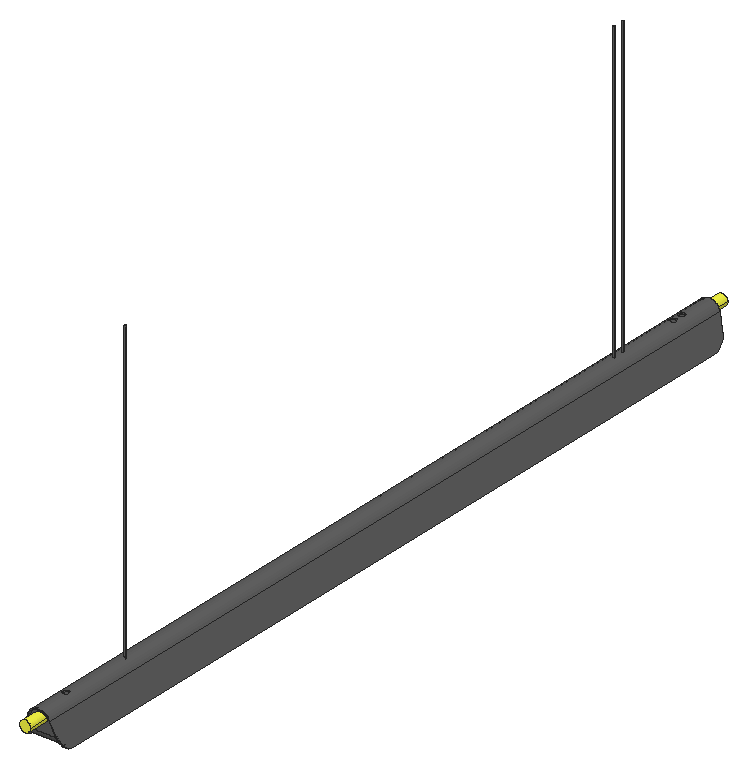
Revit family "Lighting_Pendants_Zero_Trapets_Pendant", category Lighting Fixtures, Revit 2020
Family settings
  Round Connector Dimension = Use Diameter
  Part Type = Normal
  OmniClass Number = 23.80.70.00
  OmniClass Title = Lighting
  Work Plane-Based = Yes
  Always vertical = Yes
  Cut with Voids When Loaded = No
  Light Source = Yes
  Shared = No
  Room Calculation Point = No
Parameters (values of type "Trapets LED 2497LM/25W 1700mm Down + uplight, black - Dali")
  Youtube clip = ""
  Weight Net (Kg) = "3.4"
  Wattage = 16.8101 W
  WarrantyStartDate [instance] = "n/a"
  WarrantyGuarantorParts = "n/a"
  WarrantyGuarantorLabor = "n/a"
  WarrantyDurationUnit = "Year"
  WarrantyDurationParts = "n/a"
  WarrantyDurationLabor = "n/a"
  WarrantyDescription = "n/a"
  built-in parameter 1150110 = 1 (stored number, unit not read)
  VersionDate = "31/08/2023"  # constant formula
  Version = "3"  # constant formula
  UsageCurrent = 0 A
  Uniformat II Description = ""
  Uniformat II Code = ""
  Uniclass2015Reference = "Pr_70_70_48_86"
  Uniclass2015Description = "Suspended luminaires"
  Uniclass2 = "Pr_70_70_49_86"
  Uniclass 2015 Name = ""
  Uniclass 2015 Code = ""
  Uniclass 2.0 Description = ""
  Uniclass 2.0 Code = ""
  Uniclass 1.4 Description = ""
  Uniclass 1.4 Code = ""
  URL = "https://www.zerolighting.com/trapets-inompe/"
  UNSPSC Code = ""
  TotalWattage = 25 W
  built-in parameter 1114217 = 1 (stored number, unit not read)
  Tilt Angle = 90.00°
  built-in parameter 1150109 = 1 (stored number, unit not read)
  built-in parameter 1150134 = 12
  Technical description = ""
  TagNumber [instance] = "n/a"
  SustainabilityPerformance = "n/a"
  built-in parameter 1150113 = 1 (stored number, unit not read)
  Size = "82x1465x71 mm"
  Shape = "Sculptured"
  SerialNumber [instance] = "n/a"
  Revision = "5"  # constant formula
  ReplacementCost = "n/a"
  Region South America = "None"
  Region Oceania = "AU, NZ"
  Region North America = "BZ, CR, GT, HN, MX, NI, PA, SV, US"
  Region Middle East = "AE"
  Region Europe = "AD, AL, AT, AX, BA, BE, BG, BY, CH, CY, CZ, DE, DK, EE, ES, FI, FO, FR, GB, GG, GI, GR, HR, HU, IE, IM, IS, IT, JE, LI, LT, LU, LV, MC, MD, ME, MK, MT, NL, NO, PL, PT, RO, RS, RU, SE, SI, SJ, SK, SM, UA, VA"
  Region Asia = "HK, JP, SG"
  Region Antarctica = "None"
  Region Africa = "None"
  ProductInformation = "n/a"
  Product group = "Pendant"
  Product family = "Trapets"
  Product certification = ""
  Product SKU = "Trapets_pendant"
  Photometric Web File = "Trapets8202-1-Led_IES.IES"
  PhaseReference = "n/a"
  PhaseAngle = 0.00°
  OmniClass Description = ""
  OmniClass Code = ""
  NumberOfSources = 0
  NumberOfPoles = 1
  NominalVoltageCalc = 0 V
  NominalVoltage = 230 V
  NominalRadius = 42 mm
  NominalLength = 82 mm
  NominalFrequencyRange = 50 Hz
  NominalDiameter = 800 mm
  NominalCurrent = 0 A
  Nominal width = 71 mm
  Nominal height = 71 mm
  Name = "Zero_Trapets_Pendant"  # constant formula
  NBSReference = "90-60-50/405"
  NBSDescription = "General purpose luminaires"
  NBS Reference Description = ""
  NBS Reference Code = ""
  ModelType = trapets-pendant-1700 : trapets-pendant-1700
  ModelReference = "n/a"
  ModelNumber = "13022306D40"
  Model = "Trapets LED 2497LM/25W 1700mm Down + uplight, black - Dali"
  Material secondary = "Acrylic"
  Material main = "Steel"
  Material = "Metal and wood"
  Masterformat 2014 Description = ""
  Masterformat 2014 Code = ""
  ManufacturersSpecificInformation = "n/a"
  ManufacturerURL = "https://www.zerolighting.com/"
  ManufacturerName = "Zero"
  Manufacturer name = "ZERO"
  Manufacturer country = "Sweden"
  Manufacturer = "Zero"
  MaintenanceFactor = 0
  Lumens = 2497 lm
  built-in parameter 1150115 = 1 (stored number, unit not read)
  built-in parameter 1150105 = 198.7 (stored number, unit not read)
  LightFixtureSecondaryMaterial [instance] = Yellow
  LightFixturePlacingType = "Ceiling"
  LightFixtureMountingType = "Suspended"
  LightFixtureMainMaterial [instance] = Black steel
  built-in parameter 1150137 = (empty or 0)
  built-in parameter 1150139 = (empty or 0)
  LensMaterial = Tempered glass
  built-in parameter 1150112 = 1 (stored number, unit not read)
  built-in parameter 1150114 = 1 (stored number, unit not read)
  InsulationStandardClass = "n/a"
  InstallationDate [instance] = "n/a"
  Installation instructions = ""
  built-in parameter 1150132 = 2
  built-in parameter 1150102 = (empty or 0)
  built-in parameter 1150138 = (empty or 0)
  built-in parameter 1150107 = 4000 (stored number, unit not read)
  built-in parameter 1150106 = 1.987 (stored number, unit not read)
  IfcExportType = "NOTDEFINED"  # constant formula
  IfcExportAs = "IfcLightFixtureType"  # constant formula
  IP_Code = "IP20"
  IFC Classification = ""
  HasProtectiveEarth = yes
  GTIN code = ""
  Emit from Rectangle Width = 1465 mm
  Emit from Rectangle Length = NominalLength  # 82 mm
  Emit Shape Visible in Rendering = no
  Edition number = 1
  Dimming = "None"
  Grade = "n/a"
  Finish = "Painted metal"
  Features = "Plug or terminal block 5x4mm2"
  ExpectedLife = "n/a"
  ElectricalDeviceNominalPower = 0
  built-in parameter 1150104 = 13.8 (stored number, unit not read)
  EANNumber = "n/a"
  DurationUnit = "Year"
  Dimming Lamp Color Temperature Shift = <None>
  Designer = "Note Design Studio"
  Design country = "Sweden"
  DefaultElevation = 0 mm
  Default Elevation [instance] = 1219.2 mm
  Date of publishing = ""
  Constituents = "n/a"
  Color Filter = 16777215
  Color = "Black"
  Collection = "Trapets"
  CodePerformance = "n/a"
  Category = "Pendant"
  CableLength [instance] = 600 mm
  COBIe Type Category = ""
  Brand url = "http://www.zero.se"
  Brand = "Zero"
  Barcode [instance] = "n/a"
  built-in parameter 1114218 = 1 (stored number, unit not read)
  BIMObjectName = "Lighting_Pendants_Zero_Trapets_Pendant"  # constant formula
  Author = "BIMStone"  # constant formula
  built-in parameter 1150133 = 10 (stored number, unit not read)
  AssetType = "Fixed"
  AssetIdentifier [instance] = "n/a"
  ArticleNumber = "13022306D40"
  AccessibilityPerformance = "n/a"
Types (33, lengths in mm): name | Wattage | TotalWattage | built-in parameter 1150134 | Photometric Web File | ModelType | ModelNumber | Model | Lumens | built-in parameter 1150105 | LightFixtureMainMaterial | built-in parameter 1150107 | built-in parameter 1150106 | HasProtectiveEarth | Dimming | Color | ArticleNumber
  Trapets T5/25/50W 1400mm Downlight HFF | 17.5035 W | 50 W | (empty or 0) | "Trapets8200-1-28W_IES.IES" | trapets-pendant-1400 : trapets-pendant-1400 | "8200-1-01HFF" | "TrapetsT5/25/50W 1400mm Downlight HFF" | 2600 lm | 206.9 (stored number, unit not read) | White steel | 3000 (stored number, unit not read) | 2.069 (stored number, unit not read) | no | "Dimmable with DALI, DSI, SwitchDim" | "Black or white" | "8200-1-01HFF"
  Trapets LED 2115LM/20W 1400mm Downlight, white - On/Off | 14.2384 W | 20 W | (empty or 0) | "Trapets8202-1-Led_IES.IES" | trapets-pendant-1400 : trapets-pendant-1400 | "13020101-30" | "Trapets LED 2115LM/20W 1400mm Downlight, white - On/Off" | 2115 lm | 168.31 (stored number, unit not read) | White steel | 3000 (stored number, unit not read) | 1.6831 (stored number, unit not read) | yes | "None" | "White" | "13020101-30"
  Trapets LED 2115LM/20W 1400mm Downlight, white - Dali | 14.2384 W | 20 W | (empty or 0) | "Trapets8202-1-Led_IES.IES" | trapets-pendant-1400 : trapets-pendant-1400 | "13020101D30" | "Trapets LED 2115LM/20W 1400mm Downlight, white - Dali" | 2115 lm | 168.31 (stored number, unit not read) | White steel | 3000 (stored number, unit not read) | 1.6831 (stored number, unit not read) | yes | "None" | "White" | "13020101D30"
  Trapets LED 2115LM/20W 1400mm Downlight, black - On/Off | 14.2384 W | 20 W | (empty or 0) | "Trapets8202-1-Led_IES.IES" | trapets-pendant-1400 : trapets-pendant-1400 | "13020106-30" | "Trapets LED 2115LM/20W 1400mm Downlight, black - On/Off" | 2115 lm | 168.31 (stored number, unit not read) | Black steel | 3000 (stored number, unit not read) | 1.6831 (stored number, unit not read) | yes | "None" | "Black" | "13020106-30"
  Trapets LED 2115LM/20W 1400mm Downlight, black - Dali | 14.2384 W | 20 W | (empty or 0) | "Trapets8202-1-Led_IES.IES" | trapets-pendant-1400 : trapets-pendant-1400 | "13020106D30" | "Trapets LED 2115LM/20W 1400mm Downlight, black - Dali" | 2115 lm | 168.31 (stored number, unit not read) | Black steel | 3000 (stored number, unit not read) | 1.6831 (stored number, unit not read) | yes | "None" | "Black" | "13020106D30"
  Trapets LED 2320LM/20W 1400mm Downlight, white - On/Off | 15.6185 W | 20 W | 12 | "Trapets8202-1-Led_IES.IES" | trapets-pendant-1400 : trapets-pendant-1400 | "13020101-40" | "Trapets LED 2320LM/20W 1400mm Downlight, white - On/Off" | 2320 lm | 184.62 (stored number, unit not read) | White steel | 4000 (stored number, unit not read) | 1.8462 (stored number, unit not read) | yes | "None" | "White" | "13020101-40"
  Trapets LED 2320LM/20W 1400mm Downlight, white - Dali | 15.6185 W | 20 W | 12 | "Trapets8202-1-Led_IES.IES" | trapets-pendant-1400 : trapets-pendant-1400 | "13020101D40" | "Trapets LED 2320LM/20W 1400mm Downlight, white - Dali" | 2320 lm | 184.62 (stored number, unit not read) | White steel | 4000 (stored number, unit not read) | 1.8462 (stored number, unit not read) | yes | "None" | "White" | "13020101D40"
  Trapets LED 2320LM/20W 1400mm Downlight, black - On/Off | 15.6185 W | 20 W | 12 | "Trapets8202-1-Led_IES.IES" | trapets-pendant-1400 : trapets-pendant-1400 | "13020106-40" | "Trapets LED 2320LM/20W 1400mm Downlight, black - On/Off" | 2320 lm | 184.62 (stored number, unit not read) | Black steel | 4000 (stored number, unit not read) | 1.8462 (stored number, unit not read) | yes | "None" | "Black" | "13020106-40"
  Trapets LED 2320LM/20W 1400mm Downlight, black - Dali | 15.6185 W | 20 W | 12 | "Trapets8202-1-Led_IES.IES" | trapets-pendant-1400 : trapets-pendant-1400 | "13020106D40" | "Trapets LED 2320LM/20W 1400mm Downlight, black - Dali" | 2320 lm | 184.62 (stored number, unit not read) | Black steel | 4000 (stored number, unit not read) | 1.8462 (stored number, unit not read) | yes | "None" | "Black" | "13020106D40"
  Trapets LED 2275LM/25W 1700mm Downlight, white - On/Off | 15.3155 W | 25 W | (empty or 0) | "Trapets8202-1-Led_IES.IES" | trapets-pendant-1700 : trapets-pendant-1700 | "13020301-30" | "Trapets LED 2275LM/25W 1700mm Downlight, white - On/Off" | 2275 lm | 181.04 (stored number, unit not read) | White steel | 3000 (stored number, unit not read) | 1.8104 (stored number, unit not read) | yes | "None" | "White" | "13020301-30"
  Trapets LED 2275LM/25W 1700mm Downlight, white - Dali | 15.3155 W | 25 W | (empty or 0) | "Trapets8202-1-Led_IES.IES" | trapets-pendant-1700 : trapets-pendant-1700 | "13020301D30" | "Trapets LED 2275LM/25W 1700mm Downlight, white - Dali" | 2275 lm | 181.04 (stored number, unit not read) | White steel | 3000 (stored number, unit not read) | 1.8104 (stored number, unit not read) | yes | "None" | "White" | "13020301D30"
  Trapets LED 2275LM/25W 1700mm Downlight, black - On/Off | 15.3155 W | 25 W | (empty or 0) | "Trapets8202-1-Led_IES.IES" | trapets-pendant-1700 : trapets-pendant-1700 | "13020306-30" | "Trapets LED 2275LM/25W 1700mm Downlight, black - On/Off" | 2275 lm | 181.04 (stored number, unit not read) | Black steel | 3000 (stored number, unit not read) | 1.8104 (stored number, unit not read) | yes | "None" | "Black" | "13020306-30"
  Trapets LED 2275LM/25W 1700mm Downlight, black - Dali | 15.3155 W | 25 W | (empty or 0) | "Trapets8202-1-Led_IES.IES" | trapets-pendant-1700 : trapets-pendant-1700 | "13020306D30" | "Trapets LED 2275LM/25W 1700mm Downlight, black - On/Off" | 2275 lm | 181.04 (stored number, unit not read) | Black steel | 3000 (stored number, unit not read) | 1.8104 (stored number, unit not read) | yes | "None" | "Black" | "13020306D30"
  Trapets LED 2497LM/25W 1700mm Downlight, white - On/Off | 16.8101 W | 25 W | 12 | "Trapets8202-1-Led_IES.IES" | trapets-pendant-1700 : trapets-pendant-1700 | "13020301-40" | "Trapets LED 2497LM/25W 1700mm Downlight, white - On/Off" | 2497 lm | 198.7 (stored number, unit not read) | White steel | 4000 (stored number, unit not read) | 1.987 (stored number, unit not read) | yes | "None" | "White" | "13020301-40"
  Trapets LED 2497LM/25W 1700mm Downlight, white - Dali | 16.8101 W | 25 W | 12 | "Trapets8202-1-Led_IES.IES" | trapets-pendant-1700 : trapets-pendant-1700 | "13020301D40" | "Trapets LED 2497LM/25W 1700mm Downlight, white - Dali" | 2497 lm | 198.7 (stored number, unit not read) | White steel | 4000 (stored number, unit not read) | 1.987 (stored number, unit not read) | yes | "None" | "White" | "13020301D40"
  Trapets LED 2497LM/25W 1700mm Downlight, black - On/Off | 16.8101 W | 25 W | 12 | "Trapets8202-1-Led_IES.IES" | trapets-pendant-1700 : trapets-pendant-1700 | "13020306-40" | "Trapets LED 2497LM/25W 1700mm Downlight, black - On/Off" | 2497 lm | 198.7 (stored number, unit not read) | Black steel | 4000 (stored number, unit not read) | 1.987 (stored number, unit not read) | yes | "None" | "Black" | "13020306-40"
  Trapets LED 2497LM/25W 1700mm Downlight, black - Dali | 16.8101 W | 25 W | 12 | "Trapets8202-1-Led_IES.IES" | trapets-pendant-1700 : trapets-pendant-1700 | "13020306D40" | "Trapets LED 2497LM/25W 1700mm Downlight, black - Dali" | 2497 lm | 198.7 (stored number, unit not read) | Black steel | 4000 (stored number, unit not read) | 1.987 (stored number, unit not read) | yes | "None" | "Black" | "13020306D40"
  Trapets LED 2115LM/20W 1400mm Down + uplight, black - Dali | 14.2384 W | 20 W | (empty or 0) | "Trapets8202-1-Led_IES.IES" | trapets-pendant-1400 : trapets-pendant-1400 | "13022106D30" | "Trapets LED 2115LM/20W 1400mm Down + uplight, black - Dali" | 2115 lm | 168.31 (stored number, unit not read) | Black steel | 3000 (stored number, unit not read) | 1.6831 (stored number, unit not read) | yes | "None" | "Black" | "13022106D30"
  Trapets LED 2115LM/20W 1400mm Down + uplight, black - On/Off | 14.2384 W | 20 W | (empty or 0) | "Trapets8202-1-Led_IES.IES" | trapets-pendant-1400 : trapets-pendant-1400 | "13022106-30" | "Trapets LED 2115LM/20W 1400mm Down + uplight, black - On/Off" | 2115 lm | 168.31 (stored number, unit not read) | Black steel | 3000 (stored number, unit not read) | 1.6831 (stored number, unit not read) | yes | "None" | "Black" | "13022106-30"
  Trapets LED 2115LM/20W 1400mm Down + uplight, white - Dali | 14.2384 W | 20 W | (empty or 0) | "Trapets8202-1-Led_IES.IES" | trapets-pendant-1400 : trapets-pendant-1400 | "13022101D30" | "Trapets LED 2115LM/20W 1400mm Down + uplight, white - Dali" | 2115 lm | 168.31 (stored number, unit not read) | White steel | 3000 (stored number, unit not read) | 1.6831 (stored number, unit not read) | yes | "None" | "White" | "13022101D30"
  Trapets LED 2115LM/20W 1400mm Down + uplight, white - On/Off | 14.2384 W | 20 W | (empty or 0) | "Trapets8202-1-Led_IES.IES" | trapets-pendant-1400 : trapets-pendant-1400 | "13022101-30" | "Trapets LED 2115LM/20W 1400mm Down + uplight, white - On/Off" | 2115 lm | 168.31 (stored number, unit not read) | White steel | 3000 (stored number, unit not read) | 1.6831 (stored number, unit not read) | yes | "None" | "White" | "13022101-30"
  Trapets LED 2320LM/20W 1400mm Down + uplight, white - Dali | 15.6185 W | 20 W | 12 | "Trapets8202-1-Led_IES.IES" | trapets-pendant-1400 : trapets-pendant-1400 | "13022101D40" | "Trapets LED 2320LM/20W 1400mm Down + uplight, white - Dali" | 2320 lm | 184.62 (stored number, unit not read) | White steel | 4000 (stored number, unit not read) | 1.8462 (stored number, unit not read) | yes | "None" | "White" | "13022101D40"
  Trapets LED 2320LM/20W 1400mm Down + uplight, white - On/Off | 15.6185 W | 20 W | 12 | "Trapets8202-1-Led_IES.IES" | trapets-pendant-1400 : trapets-pendant-1400 | "3022101-40" | "Trapets LED 2320LM/20W 1400mm Down + uplight, white - On/Off" | 2320 lm | 184.62 (stored number, unit not read) | White steel | 4000 (stored number, unit not read) | 1.8462 (stored number, unit not read) | yes | "None" | "White" | "3022101-40"
  Trapets LED 2320LM/20W 1400mm Down + uplight, black - Dali | 15.6185 W | 20 W | 12 | "Trapets8202-1-Led_IES.IES" | trapets-pendant-1400 : trapets-pendant-1400 | "13022106D40" | "Trapets LED 2320LM/20W 1400mm Down + uplight, black - Dali" | 2320 lm | 184.62 (stored number, unit not read) | Black steel | 4000 (stored number, unit not read) | 1.8462 (stored number, unit not read) | yes | "None" | "Black" | "13022106D40"
  Trapets LED 2320LM/20W 1400mm Down + uplight, black - On/Off | 15.6185 W | 20 W | 12 | "Trapets8202-1-Led_IES.IES" | trapets-pendant-1400 : trapets-pendant-1400 | "13022106-40" | "Trapets LED 2320LM/20W 1400mm Down + uplight, black - On/Off" | 2320 lm | 184.62 (stored number, unit not read) | Black steel | 4000 (stored number, unit not read) | 1.8462 (stored number, unit not read) | yes | "None" | "Black" | "13022106-40"
  Trapets LED 2275LM/25W 1700mm Down + uplight, white - Dali | 15.3155 W | 25 W | (empty or 0) | "Trapets8202-1-Led_IES.IES" | trapets-pendant-1700 : trapets-pendant-1700 | "13022301D30" | "Trapets LED 2275LM/25W 1700mm Down + uplight, white - Dali" | 2275 lm | 181.04 (stored number, unit not read) | White steel | 3000 (stored number, unit not read) | 1.8104 (stored number, unit not read) | yes | "None" | "White" | "13022301D30"
  Trapets LED 2275LM/25W 1700mm Down + uplight, white - On/Off | 15.3155 W | 25 W | (empty or 0) | "Trapets8202-1-Led_IES.IES" | trapets-pendant-1700 : trapets-pendant-1700 | "13022301-30" | "Trapets LED 2275LM/25W 1700mm Down + uplight, white - On/Off" | 2275 lm | 181.04 (stored number, unit not read) | White steel | 3000 (stored number, unit not read) | 1.8104 (stored number, unit not read) | yes | "None" | "White" | "13022301-30"
  Trapets LED 2275LM/25W 1700mm Down + uplight, black - On/Off | 15.3155 W | 25 W | (empty or 0) | "Trapets8202-1-Led_IES.IES" | trapets-pendant-1700 : trapets-pendant-1700 | "13022306-30" | "Trapets LED 2275LM/25W 1700mm Down + uplight, black - On/Off" | 2275 lm | 181.04 (stored number, unit not read) | Black steel | 3000 (stored number, unit not read) | 1.8104 (stored number, unit not read) | yes | "None" | "Black" | "13022306-30"
  Trapets LED 2275LM/25W 1700mm Down + uplight, black - Dali | 15.3155 W | 25 W | (empty or 0) | "Trapets8202-1-Led_IES.IES" | trapets-pendant-1700 : trapets-pendant-1700 | "13022306D30" | "Trapets LED 2275LM/25W 1700mm Down + uplight, black - Dali" | 2275 lm | 181.04 (stored number, unit not read) | Black steel | 3000 (stored number, unit not read) | 1.8104 (stored number, unit not read) | yes | "None" | "Black" | "13022306D30"
  Trapets LED 2497LM/25W 1700mm Down + uplight, white - On/Off | 16.8101 W | 25 W | 12 | "Trapets8202-1-Led_IES.IES" | trapets-pendant-1700 : trapets-pendant-1700 | "13022301-40" | "Trapets LED 2497LM/25W 1700mm Down + uplight, white - On/Off" | 2497 lm | 198.7 (stored number, unit not read) | White steel | 4000 (stored number, unit not read) | 1.987 (stored number, unit not read) | yes | "None" | "White" | "13022301-40"
  Trapets LED 2497LM/25W 1700mm Down + uplight, white - Dali | 16.8101 W | 25 W | 12 | "Trapets8202-1-Led_IES.IES" | trapets-pendant-1700 : trapets-pendant-1700 | "13022301D40" | "Trapets LED 2497LM/25W 1700mm Downlight, white - Dali" | 2497 lm | 198.7 (stored number, unit not read) | White steel | 4000 (stored number, unit not read) | 1.987 (stored number, unit not read) | yes | "None" | "White" | "13022301D40"
  Trapets LED 2497LM/25W 1700mm Down + uplight, black - On/Off | 16.8101 W | 25 W | 12 | "Trapets8202-1-Led_IES.IES" | trapets-pendant-1700 : trapets-pendant-1700 | "13022306-40" | "Trapets LED 2497LM/25W 1700mm Down + uplight, black - On/Off" | 2497 lm | 198.7 (stored number, unit not read) | Black steel | 4000 (stored number, unit not read) | 1.987 (stored number, unit not read) | yes | "None" | "Black" | "13022306-40"
  Trapets LED 2497LM/25W 1700mm Down + uplight, black - Dali | 16.8101 W | 25 W | 12 | "Trapets8202-1-Led_IES.IES" | trapets-pendant-1700 : trapets-pendant-1700 | "13022306D40" | "Trapets LED 2497LM/25W 1700mm Down + uplight, black - Dali" | 2497 lm | 198.7 (stored number, unit not read) | Black steel | 4000 (stored number, unit not read) | 1.987 (stored number, unit not read) | yes | "None" | "Black" | "13022306D40"
Reference planes
  plane 1 "Light Source Axis (F/B)": y = 0
  plane 2: z = 0
  plane 3 "Light Source Axis (L/R)": x = 0
  plane 4 "Ceiling": z = 0
  plane 5 "Light Source Elevation": z = -671
  plane 6: y = 732.5
  plane 7: y = -732.5
  plane 8: z = -600
  plane 9: z = -604
  plane 10: z = 0
Forms (mm)
  Extrusion 1, solid, material "Black steel" <- "LightFixtureMainMaterial", detail levels coarse
    sketch origin (0, 0, -111) x (-1, 0, 0) y (0, -1, 0)
      loop
        line (41, 732.5) -> (-41, 732.5) -> (-41, -732.5) -> (41, -732.5) -> (41, 732.5)
    from 111 to -560
  Extrusion 2, solid, material "Black steel" <- "LightFixtureMainMaterial", detail levels medium+fine
    sketch origin (0, 0, -671) x (-1, 0, 0) y (0, -1, 0)
      loop
        circle (0, -630.105) r 1.5
      loop
        circle (0, -608.149) r 1.5
      loop
        circle (0, 629.867) r 1.5
    from 67 to 671
Lines and regions (mm)
  symbolic lines, detail levels medium+fine
    curve 1: line (1.5, 0, -600) -> (1.5, 0, 0)
    curve 2: line (-1.5, 0, 0) -> (-1.5, 0, -600)
    curve 3: line (0, 631.605, 0) -> (0, 631.605, -600.763)
    curve 4: line (0, 628.68, -600.763) -> (0, 628.68, 0)
    curve 5: line (0, 609.649, 0) -> (0, 609.649, -600.763)
    curve 6: line (0, 606.723, -600.763) -> (0, 606.723, 0)
    curve 7: line (0, -628.367, 0) -> (0, -628.367, -600.763)
    curve 8: line (0, -631.292, -600.763) -> (0, -631.292, 0)
Dimensions and locks
  equal spacing: plane 6, plane 1 "Light Source Axis (F/B)", plane 7
  "Emit from Rectangle Width": plane 6 to plane 7
  equal spacing: Extrusion 1, plane 3 "Light Source Axis (L/R)", Extrusion 1
  "NominalLength": Extrusion 1 to Extrusion 1
  "CableLength": plane 8 to level
  locked: plane 8 to plane 5 "Light Source Elevation" at 71
  locked: plane 8 to plane 9 at 4
  aligned and locked: plane 3 "Light Source Axis (L/R)" to imposter light
  aligned and locked: plane 1 "Light Source Axis (F/B)" to imposter light
  aligned and locked: plane 5 "Light Source Elevation" to Extrusion 1
  aligned and locked: imposter light to plane 5 "Light Source Elevation"
  aligned and locked: level to Extrusion 2
  aligned and locked: plane 8 to nested 1
Automatic sketch dimensions
  curve 8 to level = 0 mm
  curve 7 to level = 0 mm
  curve 6 to level = 0 mm
  curve 5 to level = 0 mm
  curve 4 to level = 0 mm
  curve 3 to level = 0 mm
  curve 8 to plane 8 = 0.763 mm
  plane 7 to curve 8 = 101.208 mm
  curve 8 to curve 7 = 2.925 mm
  curve 6 to plane 6 = 125.777 mm
  curve 6 to curve 5 = 2.925 mm
  curve 4 to plane 8 = 0.763 mm
  curve 5 to curve 4 = 19.031 mm
  curve 4 to curve 3 = 2.925 mm
  curve 5 to plane 8 = 0.763 mm
  curve 7 to plane 8 = 0.763 mm
  curve 3 to plane 8 = 0.763 mm
  curve 6 to plane 8 = 0.763 mm
  Extrusion 1 sketch curve to plane 7 = 0 mm
  Extrusion 1 sketch curve to plane 6 = 0 mm
  plane 3 "Light Source Axis (L/R)" to Extrusion 1 sketch curve = 41 mm
  Extrusion 1 sketch curve to plane 3 "Light Source Axis (L/R)" = 41 mm
  curve 2 to level = 0 mm
  curve 2 to plane 8 = 0 mm
  curve 1 to level = 0 mm
  curve 1 to plane 8 = 0 mm
  curve 2 to plane 3 "Light Source Axis (L/R)" = 1.5 mm
  plane 3 "Light Source Axis (L/R)" to curve 1 = 1.5 mm
  Extrusion 2 sketch curve to plane 3 "Light Source Axis (L/R)" = 0 mm  (x3)
  Extrusion 2 sketch curve to plane 6 = 102.395 mm
  Extrusion 2 sketch curve to Extrusion 2 sketch curve = 21.957 mm
  Extrusion 2 sketch curve to Extrusion 2 sketch curve = 0 mm  (x2)
  plane 7 to Extrusion 2 sketch curve = 102.633 mm
  Extrusion 2 sketch curve to Extrusion 2 sketch curve = 1.5 mm
Nested families
  nested 1: "trapets-pendant-1700" at (0, 0, -671), type <- "ModelType", Material1 <- "LightFixtureMainMaterial", Material2 <- "LensMaterial", Material3 <- "LightFixtureSecondaryMaterial", type "trapets-pendant-1700"
    with Material3 Yellow, Material2 Tempered glass, Material1 Black steel
Connectors
  electrical at (0, 630.105, 0), driven by "NominalVoltage"
    settings: on Extrusion 2, index 1, voltage 230 V, apparent load 0 VA, apparent load phase1 0 VA, apparent load phase2 0 VA, apparent load phase3 0 VA, power factor 1, load classification "Other", number of poles 1, system type 31, power factor state 1, is connector primary yes, connector utility no, sub classification motor no, connector description ""
Definition of nested family "trapets-pendant-1700"
  Parameters (values of type "trapets-pendant-1700")
    Material3 [instance] = none
    Material2 [instance] = none
    Material1 [instance] = none
    Default Elevation = 0 mm
  Reference planes
    plane 1 "Center (Front/Back)": y = 0
    plane 2: z = 0
    plane 3 "Center (Left/Right)": x = 0
  Forms (mm)
    Extrusion 1, void
      sketch origin (-70, 0, 0) x (0, 1, 0) y (0, 0, 1)
        loop
          line (850, 70.163) -> (842.58, 27.412)
          arc (842.58, 27.412) -> (831.289, 7.765) -> (810, 0) r 33.067
          line (810, 0) -> (875, 0) -> (875, 83.077) -> (850, 83.077) -> (850, 70.163)
        loop
          line (-850, 70.163) -> (-850, 83.077) -> (-875, 83.077) -> (-875, 0) -> (-810, 0)
          arc (-810, 0) -> (-831.289, 7.765) -> (-842.58, 27.412) r 33.067
          line (-842.58, 27.412) -> (-850, 70.163)
      from -22.142 to 250
    Extrusion 2, solid, material <- "Material1", detail levels medium+fine
      sketch origin (-95.289, 0, 0) x (1, 0, 0) y (0, 0, 1)
        loop
          line (72.895, 55.058) -> (54.297, 0) -> (136.28, 0) -> (117.682, 55.058)
          arc (117.682, 55.058) -> (95.289, 71.13) -> (72.895, 55.058) r 23.637
      from -850 to 850
    Extrusion 3, void
      sketch origin (-95.289, 0, 0) x (1, 0, 0) y (0, 0, 1)
        loop
          line (73.843, 54.738) -> (55.352, 0) -> (135.225, 0) -> (116.735, 54.738)
          arc (116.735, 54.738) -> (95.289, 70.13) -> (73.843, 54.738) r 22.637
      from -877.771 to 857.653
    Extrusion 4, solid, material <- "Material1", detail levels medium+fine
      sketch origin (-95.289, 0, 0) x (1, 0, 0) y (0, 0, 1)
        loop
          line (73.843, 54.738) -> (57.414, 6.104) -> (133.163, 6.104) -> (116.735, 54.738)
          arc (116.735, 54.738) -> (95.289, 70.13) -> (73.843, 54.738) r 22.637
      from -846 to 846
    Extrusion 5, void
      sketch origin (-110, 0, 0) x (0, 1, 0) y (0, 0, 1)
        loop
          line (846, 70.13) -> (836.893, 23.281)
          arc (836.893, 23.281) -> (829.699, 11.068) -> (816.422, 6.104) r 21.232
          line (816.422, 6.104) -> (800.449, -9.87) -> (869.038, -9.87) -> (869.038, 70.13) -> (846, 70.13)
        loop
          line (-846, 70.13) -> (-869.038, 70.13) -> (-869.038, -9.87) -> (-800.449, -9.87) -> (-816.422, 6.104)
          arc (-816.422, 6.104) -> (-829.699, 11.068) -> (-836.893, 23.281) r 21.232
          line (-836.893, 23.281) -> (-846, 70.13)
      from 0 to 250
    Extrusion 6, solid, material <- "Material3", detail levels medium+fine
      sketch origin (-375.177, -150, 0) x (1, 0, 0) y (0, 0, 1)
        loop
          circle (375.177, 54.486) r 11
      from 685.935 to 731.935
    Extrusion 7, solid, material <- "Material3", detail levels medium+fine
      sketch origin (-375.177, 150, 0) x (1, 0, 0) y (0, 0, -1)
        loop
          circle (375.177, -54.486) r 11
      from 685.935 to 731.935
    Extrusion 8, void
      sketch origin (0, 0, 0) x (1, 0, 0) y (0, 1, 0)
        loop
          circle (0, 780) r 6.5
        loop
          circle (0, 758.043) r 6.5
        loop
          circle (0, -780) r 6.5
      from 15.527 to 250
    Extrusion 9, solid, material <- "Material2", detail levels medium+fine
      sketch origin (0, 4.308, 0) x (1, 0, 0) y (0, 1, 0)
        loop
          line (-34.895, 745.602) -> (-34.895, -754.298) -> (35.089, -754.298) -> (35.089, 745.602) -> (-34.895, 745.602)
      from 6.104 to 8.631
    Extrusion 10, void, detail levels medium+fine
      sketch origin (0, 0, 0) x (1, 0, 0) y (0, 1, 0)
        loop
          line (35.089, 749.911) -> (-34.895, 749.911) -> (-34.895, -749.989) -> (35.089, -749.989) -> (35.089, 749.911)
      from 0 to 40.007
  Cuts and joins
    Extrusion 1, Extrusion 3, Extrusion 8 cuts Extrusion 2
    Extrusion 5, Extrusion 8, Extrusion 10 cuts Extrusion 4
  Lines and regions (mm)
    symbolic lines, detail levels medium+fine
      curve 1: spline (-31.632, -842.515, 0) -> (-32.835, -841.774, 0) -> (-34.002, -840.61, 0) -> (-35.12, -839.04, 0) -> (-36.173, -837.083, 0) -> (-37.149, -834.764, 0) -> (-38.033, -832.114, 0) -> (-38.816, -829.167, 0) -> (-39.486, -825.961, 0) -> (-40.036, -822.538, 0) -> (-40.457, -818.941, 0) -> (-40.744, -815.219, 0) -> (-40.895, -811.418, 0)
      curve 2: line (-22.296, -847.378, 0) -> (-31.635, -842.58, 0)
      curve 3: line (-10.903, -882.495, 0) -> (-10.903, -849.698, 0)
      curve 4: arc (-22.296, -847.378, 0) -> (-16.682, -848.945, 0) -> (-10.903, -849.698, 0) r 40.949
      curve 5: line (-40.895, -811.418, 0) -> (-40.895, 811.418, 0)
      curve 6: line (-10.903, -882.495, 0) -> (0.097, -882.495, 0)
      curve 7: spline (31.826, -842.515, 0) -> (33.029, -841.774, 0) -> (34.196, -840.61, 0) -> (35.314, -839.04, 0) -> (36.367, -837.083, 0) -> (37.343, -834.764, 0) -> (38.227, -832.114, 0) -> (39.01, -829.167, 0) -> (39.68, -825.961, 0) -> (40.23, -822.538, 0) -> (40.651, -818.941, 0) -> (40.938, -815.219, 0) -> (41.089, -811.418, 0)
      curve 8: line (22.49, -847.378, 0) -> (31.829, -842.58, 0)
      curve 9: line (11.097, -882.495, 0) -> (11.097, -849.698, 0)
      curve 10: arc (22.49, -847.378, 0) -> (16.876, -848.945, 0) -> (11.097, -849.698, 0) r 40.949
      curve 11: line (41.089, -811.418, 0) -> (41.089, 811.418, 0)
      curve 12: line (11.097, -882.495, 0) -> (0.097, -882.495, 0)
      curve 13: spline (-31.632, 842.515, 0) -> (-32.835, 841.774, 0) -> (-34.002, 840.61, 0) -> (-35.12, 839.04, 0) -> (-36.173, 837.083, 0) -> (-37.149, 834.764, 0) -> (-38.033, 832.114, 0) -> (-38.816, 829.167, 0) -> (-39.486, 825.961, 0) -> (-40.036, 822.538, 0) -> (-40.457, 818.941, 0) -> (-40.744, 815.219, 0) -> (-40.895, 811.418, 0)
      curve 14: line (-22.296, 847.378, 0) -> (-31.635, 842.58, 0)
      curve 15: line (-10.903, 882.495, 0) -> (-10.903, 849.698, 0)
      curve 16: arc (-22.296, 847.378, 0) -> (-16.682, 848.945, 0) -> (-10.903, 849.698, 0) r 40.949
      curve 17: line (-10.903, 882.495, 0) -> (0.097, 882.495, 0)
      curve 18: spline (31.826, 842.515, 0) -> (33.029, 841.774, 0) -> (34.196, 840.61, 0) -> (35.314, 839.04, 0) -> (36.367, 837.083, 0) -> (37.343, 834.764, 0) -> (38.227, 832.114, 0) -> (39.01, 829.167, 0) -> (39.68, 825.961, 0) -> (40.23, 822.538, 0) -> (40.651, 818.941, 0) -> (40.938, 815.219, 0) -> (41.089, 811.418, 0)
      curve 19: line (22.49, 847.378, 0) -> (31.829, 842.58, 0)
      curve 20: line (11.097, 882.495, 0) -> (11.097, 849.698, 0)
      curve 21: arc (22.49, 847.378, 0) -> (16.876, 848.945, 0) -> (11.097, 849.698, 0) r 40.949
      curve 22: line (11.097, 882.495, 0) -> (0.097, 882.495, 0)
      curve 23: line (-22.414, 0, 55.065) -> (-41.012, 0, 0.007)
      curve 24: arc (22.373, 0, 55.065) -> (-0.02, 0, 71.138) -> (-22.414, 0, 55.065) r 23.637
      curve 25: line (40.971, 0, 0.007) -> (22.373, 0, 55.065)
      curve 26: line (-41.012, 0, 0.007) -> (-39.957, 0, 0.007)
      curve 27: line (-39.957, 0, 0.007) -> (-37.895, 0, 6.111)
      curve 28: line (-37.895, 0, 6.111) -> (37.843, 0, 6.111)
      curve 29: line (37.843, 0, 6.111) -> (39.928, 0, -0.06)
      curve 35: line (0, 881.935, 65.486) -> (0, 881.935, 43.486)
      curve 36: line (0, 881.935, 43.486) -> (0, 845.37, 43.486)
      curve 37: line (0, 881.935, 65.486) -> (0, 849.188, 65.486)
      curve 38: line (0, 850.145, 71) -> (0, 786.474, 71)
      curve 39: arc (0, 786.474, 71) -> (0, 780.142, 70.194) -> (0, 773.811, 71) r 25.278
      curve 40: arc (0, 764.579, 71) -> (0, 758.247, 70.194) -> (0, 751.916, 71) r 25.278
      curve 41: line (0, 773.811, 71) -> (0, 764.579, 71)
      curve 42: line (0, 751.916, 71) -> (0, -13.855, 71)
      curve 43: line (0, 850.145, 71) -> (0, 849.188, 65.486)
      curve 44: arc (0, 842.58, 27.412) -> (0, 831.289, 7.765) -> (0, 810, 0) r 33.067
      curve 46: line (0, 845.37, 43.486) -> (0, 842.58, 27.412)
      curve 47: line (0, 810, 0) -> (0, -13.855, 0)
      curve 48: line (0, -881.935, 65.486) -> (0, -881.935, 43.486)
      curve 49: line (0, -881.935, 43.486) -> (0, -845.37, 43.486)
      curve 50: line (0, -881.935, 65.486) -> (0, -849.188, 65.486)
      curve 51: line (0, -850.145, 71) -> (0, -786.474, 71)
      curve 52: arc (0, -786.474, 71) -> (0, -780.142, 70.194) -> (0, -773.811, 71) r 25.278
      curve 53: line (0, -773.811, 71) -> (0, -13.855, 71)
      curve 54: line (0, -850.145, 71) -> (0, -849.188, 65.486)
      curve 55: arc (0, -842.58, 27.412) -> (0, -831.289, 7.765) -> (0, -810, 0) r 33.067
      curve 57: line (0, -845.37, 43.486) -> (0, -842.58, 27.412)
      curve 58: line (0, -810, 0) -> (0, -13.855, 0)
    symbolic lines, detail levels fine
      curve 30: arc (10.98, 0, 54.494) -> (-0.02, 0, 65.494) -> (-11.02, 0, 54.494) r 11
      curve 31: arc (-11.02, 0, 54.494) -> (-0.02, 0, 43.494) -> (10.98, 0, 54.494) r 11
      curve 32: arc (21.426, 0, 54.745) -> (-0.02, 0, 70.138) -> (-21.466, 0, 54.745) r 22.637
      curve 33: line (-21.466, 0, 54.745) -> (-37.895, 0, 6.111)
      curve 34: line (37.854, 0, 6.111) -> (21.426, 0, 54.745)
      curve 45: line (0, 849.188, 65.486) -> (0, 845.37, 43.486)
      curve 56: line (0, -849.188, 65.486) -> (0, -845.37, 43.486)
      curve 59: line (-21.501, 845.539, 0) -> (-30.968, 840.674, 0)
      curve 60: arc (-21.501, 845.539, 0) -> (-16.235, 846.995, 0) -> (-10.817, 847.7, 0) r 38.949
      curve 61: line (-10.817, 847.7, 0) -> (0.097, 847.999, 0)
      curve 62: line (11.011, 847.7, 0) -> (0.097, 847.999, 0)
      curve 63: arc (21.695, 845.539, 0) -> (16.429, 846.995, 0) -> (11.011, 847.7, 0) r 38.949
      curve 64: line (21.695, 845.539, 0) -> (31.162, 840.674, 0)
      curve 65: line (31.162, 840.674, 0) -> (39.089, 811.378, 0)
      curve 66: line (-30.968, 840.674, 0) -> (-38.895, 811.378, 0)
      curve 67: line (-38.895, -811.397, 0) -> (-38.895, 811.378, 0)
      curve 68: line (39.089, -811.397, 0) -> (39.089, 811.378, 0)
      curve 69: line (-30.817, -840.752, 0) -> (-38.895, -811.397, 0)
      curve 70: line (-21.501, -845.539, 0) -> (-30.817, -840.752, 0)
      curve 71: arc (-21.501, -845.539, 0) -> (-16.235, -846.995, 0) -> (-10.817, -847.7, 0) r 38.949
      curve 72: line (-10.817, -847.7, 0) -> (0.097, -847.999, 0)
      curve 73: line (11.011, -847.7, 0) -> (0.097, -847.999, 0)
      curve 74: arc (21.695, -845.539, 0) -> (16.429, -846.995, 0) -> (11.011, -847.7, 0) r 38.949
      curve 75: line (21.695, -845.539, 0) -> (31.162, -840.674, 0)
      curve 76: line (31.162, -840.674, 0) -> (39.089, -811.397, 0)
      curve 77: line (-10.903, 849.698, 0) -> (-10.903, 847.694, 0)
      curve 78: line (11.097, 849.698, 0) -> (11.097, 847.674, 0)
      curve 79: line (-10.903, -849.698, 0) -> (-10.903, -847.495, 0)
      curve 80: line (11.097, -849.698, 0) -> (11.097, -847.495, 0)
      curve 81: line (0, -816.422, 0) -> (-38.644, -816.422, 0)
      curve 82: line (0, -816.422, 0) -> (38.644, -816.422, 0)
      curve 83: line (0, 816.422, 0) -> (-38.644, 816.422, 0)
      curve 84: line (0, 816.422, 0) -> (38.644, 816.422, 0)
      curve 85: line (35.089, -749.989, 0) -> (35.089, 749.911, 0)
      curve 86: line (-34.895, -749.989, 0) -> (35.089, -749.989, 0)
      curve 87: line (-34.895, 749.911, 0) -> (-34.895, -749.989, 0)
      curve 88: line (35.089, 749.911, 0) -> (-34.895, 749.911, 0)
  Dimensions and locks
    aligned and locked: level to plane 2
